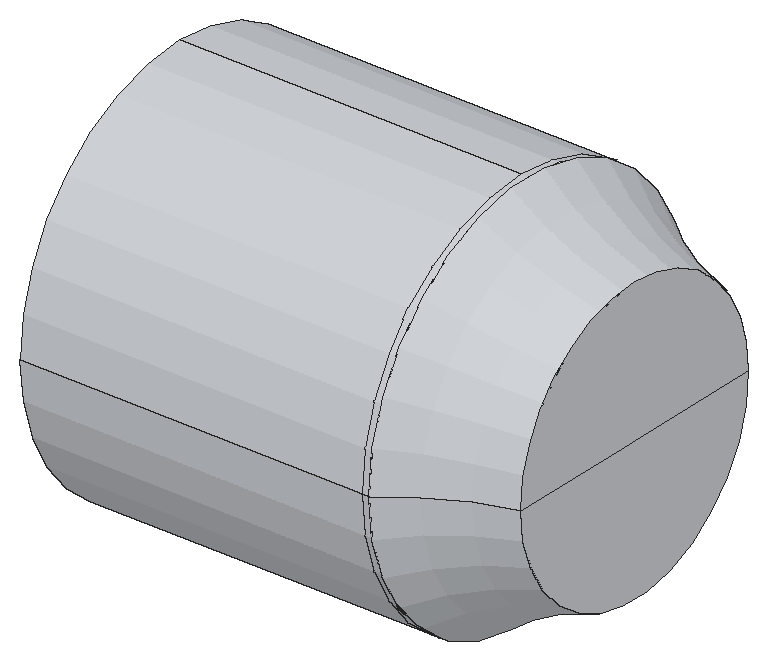
Revit family "M_Encaixe de duto redondo - Forma de boca de sino", category Conexões de duto, Revit 2019
Family settings
  Cota do conector redondo = Usar raio
  Tipo de parte = Derivação - Ajustável
  Número OmniClass = 23.75.70.14
  Título OmniClass = Air Ductwork
  ID de item do Seek = Round Takeoff - Bellmouth-0000-CAN-ENU
  Com base no plano de trabalho = Não
  Sempre na vertical = Sim
  Corte com vazios quando carregada = Não
  Compartilhado = Não
Parameters (values of type "Padrão")
  built-in parameter 1114214 [instance] = 304.8 mm
  built-in parameter 1114213 [instance] = 101.6 mm
  built-in parameter 1114215 [instance] = if(Diâmetro do duto 2 > 406.4 mm, Diâmetro do duto 2 * 0.25, 101.6 mm)  # 0.33333 (stored number, unit not read)
  Raio de ajuste [instance] = 50.8 mm
  Raio do duto 2 [instance] = 127 mm
  Comprimento do duto 2 [instance] = 1 / 3 * [built-in parameter 1114213]  # 33.867 mm
  Comprimento do duto 1 [instance] = 6.35 mm  # constant formula
  Raio do duto 1 [instance] = Raio do duto 2 + Raio de ajuste  # 177.8 mm
  Diâmetro do duto 2 [instance] = Raio do duto 2 * 2  # 254 mm
  Diâmetro do duto 1 [instance] = Raio do duto 1 * 2  # 355.6 mm
  Assembly Code = ""
Reference planes
  plane 1 "Centro (Frente/Trás)": y = 0
  plane 2: z = 0
  plane 3 "Centro (Esquerda/Direita)": x = 0
  plane 4: x = -304.8
  plane 5: x = 101.6
  plane 6: x = 6.35
  plane 7: x = 40.217
  plane 8: y = 177.8
  plane 9: y = 127
  plane 10: y = 152.4
  plane 11: y = 152.4
  plane 12: y = 152.4
Forms (mm)
  Sweep 1, solid, detail levels medium+fine
    path in 3D
      loop
        line (-304.8, 0, 0) -> (0, 0, 0)
    profile "M_Duto - Redondo - Boca de sino : Duto - Base em cone redondo" origin (-152.4, 0, 0) x (0, 1, 0) y (0, 0, 1)
      loop
        arc (-177.8, 0) -> (-125.724, -125.724) -> (0, -177.8) r 177.8
        arc (0, -177.8) -> (125.724, -125.724) -> (177.8, 0) r 177.8
        arc (177.8, 0) -> (125.724, 125.724) -> (0, 177.8) r 177.8
        arc (0, 177.8) -> (-125.724, 125.724) -> (-177.8, 0) r 177.8
  Revolve 2, solid, detail levels medium+fine
    sketch origin (0, 0, 0) x (1, 0, 0) y (0, 1, 0)
      loop
        line (0, 0) -> (101.6, 0) -> (101.6, 127)
        arc (101.6, 127) -> (51.082, 146.976) -> (6.35, 177.8) r 240.039
        line (6.35, 177.8) -> (0, 177.8) -> (0, 0)
      axis (101.6, 0) -> (0, 0)
    angle from 0 to 360
  Extrusion 3, solid, detail levels medium+fine
    sketch origin (0, 0, 0) x (0, 1, 0) y (0, 0, 1)
      loop
        circle (0, 0) r 3.175
    from 0 to 101.6
Cuts and joins
  joined: Sweep 1, Revolve 2, Extrusion 3
Lines and regions (mm)
  reference lines
    curve 1: line (0, 0, 0) -> (101.6, 0, 0)
    curve 2: line (-304.8, 0, 0) -> (0, 0, 0)
  sketch lines
    curve 3: line (-304.8, 0, 0) -> (0, 0, 0)
  model lines, style "DuctFitting", not visible, detail levels coarse
    curve 4: line (-304.8, 0, 0) -> (0, 0, 0)
    curve 5: line (0, 0, 0) -> (101.6, 0, 0)
Dimensions and locks
  "built-in parameter 1114213": plane 3 "Centro (Esquerda/Direita)" to plane 5
  "built-in parameter 1114214": plane 4 to plane 3 "Centro (Esquerda/Direita)"
  "Comprimento do duto 1": plane 3 "Centro (Esquerda/Direita)" to plane 6
  "Comprimento do duto 2": plane 6 to plane 7
  "Raio do duto 1": plane 1 "Centro (Frente/Trás)" to plane 8
  "Raio do duto 2": plane 9 to plane 1 "Centro (Frente/Trás)"
  equal spacing: plane 8, plane 10, plane 9
  aligned and locked: plane 5 to curve 1
  aligned and locked: plane 3 "Centro (Esquerda/Direita)" to curve 1
  aligned and locked: plane 1 "Centro (Frente/Trás)" to curve 1
  aligned and locked: plane 4 to curve 2
  aligned and locked: plane 1 "Centro (Frente/Trás)" to curve 2
  aligned and locked: plane 3 "Centro (Esquerda/Direita)" to curve 5
  aligned and locked: plane 4 to curve 4
  aligned and locked: plane 1 "Centro (Frente/Trás)" to curve 4
  aligned and locked: Revolve 2 sketch curve to plane 8
  aligned and locked: plane 1 "Centro (Frente/Trás)" to Extrusion 3 sketch curve
  aligned and locked: plane 2 to Extrusion 3 sketch curve
  aligned and locked: plane 5 to Extrusion 3
  aligned and locked: Extrusion 3 to plane 3 "Centro (Esquerda/Direita)"
  aligned and locked: plane 9 to Revolve 2 sketch curve
  aligned and locked: plane 6 to Revolve 2 sketch curve
  aligned and locked: plane 3 "Centro (Esquerda/Direita)" to Revolve 2 sketch curve
Automatic sketch dimensions
  Revolve 2 sketch curve to plane 1 "Centro (Frente/Trás)" = 0 mm  (x2)
  Revolve 2 sketch curve to plane 5 = 0 mm
  Revolve 2 sketch curve to plane 4 = 1219.2 mm
  plane 5 to Revolve 2 sketch curve = 62.442 mm
  Revolve 2 sketch curve to Revolve 2 sketch curve = 1219.2 mm
  curve 5 to plane 5 = 0 mm
  radius of Extrusion 3 sketch curve = 3.175 mm
Connectors
  hvac at (0, 0, 0), driven by "Raio do duto 2"
    settings: on Sweep 1, index 1, duct flow 0.0 L/s, flow factor 0, pres drop 0.0 Pa, loss coef 0, conn angle 0.00°, conn width 304.8 mm, conn height 304.8 mm, conn diameter 254 mm, duct sys type 28, conn prof type 0, flow config 0, flow direction 0, loss method 0, conn ref index 2, conn util no, is conn primary yes, conn desc ""
  hvac at (101.6, 0, 0), driven by "Raio do duto 2"
    settings: on Extrusion 3, index 2, duct flow 0.0 L/s, flow factor 0, pres drop 0.0 Pa, loss coef 0, conn angle 0.00°, conn width 304.8 mm, conn height 304.8 mm, conn diameter 254 mm, duct sys type 28, conn prof type 0, flow config 0, flow direction 0, loss method 0, conn ref index 1, conn util no, is conn primary no, conn desc ""
